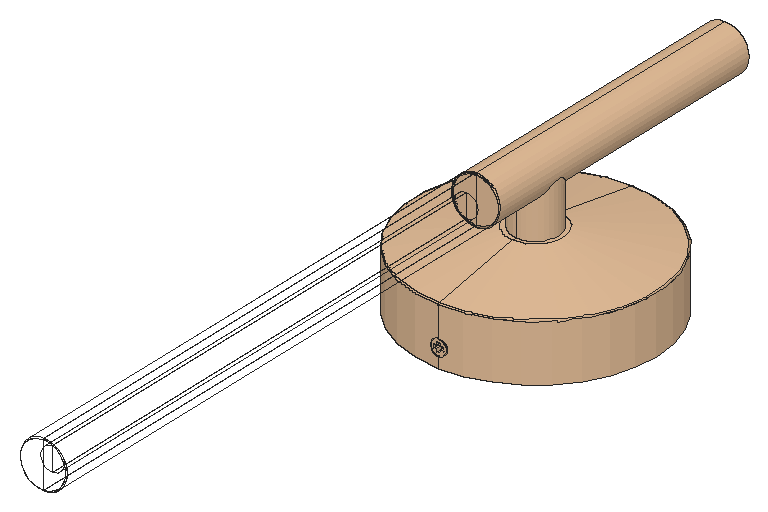
Revit family "Light_Fixture-Wall_Sconce-KOHLER-Components-K-23463", category Lighting Fixtures, host Face, Revit 2017
Family settings
  Host = Face
  Round Connector Dimension = Use Diameter
  Part Type = Normal
  OmniClass Number = 23.35.47.11
  OmniClass Title = Lighting Fixtures
  Cut with Voids When Loaded = No
  Light Source = Yes
  Shared = No
  Room Calculation Point = No
Parameters (values of type "BGL-Moderne Brushed Gold")
  Width = 5 1/8"  # constant formula
  Wattage Comments = "10 W"  # constant formula
  Wattage = 10 W
  WaterSense Certified = 1 = 0  # no
  built-in parameter 1150110 = 1 (stored number, unit not read)
  Voltage = 120 V  # constant formula
  URL = "https://www.us.kohler.com/us/"
  Type = 2
  built-in parameter 1114217 = 1 (stored number, unit not read)
  built-in parameter 1150109 = 1 (stored number, unit not read)
  built-in parameter 1150134 = (empty or 0)
  built-in parameter 1150113 = 1 (stored number, unit not read)
  Product Page URL = "http://www.us.kohler.com/us/catalog/productDetails.jsp?productId=23463-SCLED"
  Product Name = "Components"  # constant formula
  Product Documentation Link = "https://www.us.kohler.com/webassets/kpna/catalog/pdf/en/K-23463-SCLED_spec.pdf"
  Model = if(Type = 1, "K-23463-SCLED-BLL", if(Type = 2, "K-23463-SCLED-BGL", if(Type = 3, "K-23463-SCLED-CPL", if(Type = 4, "K-23463-SCLED-SNL", "NA"))))  # "K-23463-SCLED-BGL"
  Material = "Premium Metal Construction"  # constant formula
  Master Format 2014 Name = "Interior Lighting Fixtures, Lamps, And Ballasts"  # constant formula
  Master Format 2014 = "26 51 13"  # constant formula
  Manufacturer Address = "444 Highland Dr, Kohler, WI 53044"  # constant formula
  Manufacturer = "KOHLER Co."  # constant formula
  built-in parameter 1150105 = 39.789 (stored number, unit not read)
  Lumens = 500 lm
  built-in parameter 1150115 = 1 (stored number, unit not read)
  Light Source Symbol Size = 6"  # constant formula
  built-in parameter 1150137 = (empty or 0)
  built-in parameter 1150139 = (empty or 0)
  Length = 3 1/4"  # constant formula
  built-in parameter 1150112 = 1 (stored number, unit not read)
  built-in parameter 1150114 = 1 (stored number, unit not read)
  Lamp = "Integrated LED"  # constant formula
  built-in parameter 1150132 = (empty or 0)
  built-in parameter 1150102 = (empty or 0)
  built-in parameter 1150107 = 3000 (stored number, unit not read)
  built-in parameter 1150138 = (empty or 0)
  built-in parameter 1150106 = 0.39789 (stored number, unit not read)
  Height = 18"  # constant formula
  Hardware Included = 1 = 1  # yes
  Finish = KOHLER-Metal-BGL-Moderne_Brushed_Gold
  Environmental Product Declaration = ""
  Emit from Line Length = 6"
  Electrical Note = "One Dedicated Circuit Required"  # constant formula
  Electrical Connector = 1 = 1  # yes
  built-in parameter 1150104 = 4.6452 (stored number, unit not read)
  Dimming Lamp Color Temperature Shift = Incandescent Lamp Curve
  Description = "18inch LED sconce"  # constant formula
  Default Elevation = 60"
  Declare Label = ""
  Date Modified = "05/11/2020"  # constant formula
  Date Created = "05/11/2020"  # constant formula
  Copyright = "Copyright KOHLER Co."  # constant formula
  Contact Us = "https://www.us.kohler.com/us/static/contact.jsp"
  Color Filter = 16777215
  built-in parameter 1114218 = 1 (stored number, unit not read)
  built-in parameter 1150133 = 10 (stored number, unit not read)
  Assembly Code = "D5040.50"
  Apparent Load = 120 V * 0.08 A  # 9.6 VA
  ADA Compliant = 1 = 0  # no
Types (5): name | Type | Model | Finish
  (no name) | 2 | "K-23463-SCLED-BGL" | KOHLER-Metal-BGL-Moderne_Brushed_Gold
  BLL-Matte Black | 1 | "K-23463-SCLED-BLL" | KOHLER-Metal-BLL-Matte_Black
  BGL-Moderne Brushed Gold | 2 | "K-23463-SCLED-BGL" | KOHLER-Metal-BGL-Moderne_Brushed_Gold
  CPL-Polished Chrome | 3 | "K-23463-SCLED-CPL" | KOHLER-Metal-CPL-Polished_Chrome
  SNL-Polished Nickel | 4 | "K-23463-SCLED-SNL" | KOHLER-Metal-SNL-Polished_Nickel
Reference planes (in)
  plane 1 "Center (Front/Back)": y = 0
  plane 2: z = 0
  plane 3 "Center (Left/Right)": x = 0
  plane 4: y = 4.99606
  plane 5: y = -13.00394
  plane 6: x = -2.5625
  plane 7: x = 2.5625
  plane 8: y = 2.5625
  plane 9: y = -2.5625
  plane 10: x = -0.5
  plane 11: x = 0.5
  plane 12: z = 3.25
  plane 13: z = 2.25
  plane 14: z = 1.5625
Dimensions and locks (in)
  "Width": plane 6 to plane 7
  "Height": plane 4 to plane 5
  "Length": level to plane 12
  locked: plane 13 to plane 12 at 1
  plane 8 to plane 9 = 5 1/8"
  locked: level to plane 14 at 1.5625
  aligned and locked: plane 2 to host face
  aligned and locked: level to host face
  aligned and locked: plane 3 "Center (Left/Right)" to nested 1
  aligned and locked: plane 1 "Center (Front/Back)" to nested 1
Automatic sketch dimensions
  host sketch curve to host sketch curve = 96"  (x2)
Nested families (in)
  nested 1: "K-23463" at (0, 0, 0), type "K-23463"
Connectors (in)
  electrical at (0, 0, 0), driven by "Voltage", driven by "Apparent Load", driven by "Electrical Connector", driven by "Electrical Note"
    settings: on nested 1, index 1, voltage 120 V, apparent load 9.6 VA, apparent load phase1 0 VA, apparent load phase2 0 VA, apparent load phase3 0 VA, power factor 1, load classification "Lighting", number of poles 1, system type 30, power factor state 1, is connector primary yes, connector utility yes, sub classification motor no, connector description "One Dedicated Circuit Required"
Definition of nested family "K-23463"
  Parameters (values of type "K-23463")
    Material = none
    Glass Material = none
  Reference planes (in)
    plane 1 "Center (Front/Back)": y = 0
    plane 2: z = 0
    plane 3 "Center (Left/Right)": x = 0
    plane 4: y = 2.5625
    plane 5: y = -2.5625
    plane 6: z = 1.5625
    plane 7: z = 3.25
    plane 8: z = 2.25
    plane 9: y = 4.99606
    plane 10: y = -13.00394
    plane 11: x = 2.5625
    plane 12: x = -2.5625
    plane 13: x = 0.5
    plane 14: x = -0.5
    plane 15: z = 1.19753
  Forms (in)
    Revolve 1, solid, material <- "Material", detail levels medium+fine
      sketch origin (0, 0, 0) x (0, 1, 0) y (0, 0, 1)
        loop
          line (2.5625, 0) -> (2.5625, 1.19758)
          arc (2.5625, 1.19758) -> (2.55659, 1.21381) -> (2.54162, 1.22243) r 0.02522
          line (2.54162, 1.22243) -> (0.59505, 1.5625) -> (0.49233, 1.5625) -> (0.49233, 2.76276) -> (0, 2.76276) -> (0, 0) -> (2.5625, 0)
        axis (0, 2.76276) -> (0, 0)
      angle from 0 to 360
    Revolve 2, solid, material <- "Material", detail levels medium+fine
      sketch origin (0, 0, 0) x (0, 1, 0) y (0, 0, 1)
        loop
          line (4.99606, 3.25) -> (-1.5529, 3.25)
          arc (-1.5529, 3.25) -> (-1.56705, 3.24414) -> (-1.57291, 3.22999) r 0.02001
          line (-1.57291, 3.22999) -> (-1.57291, 2.75) -> (4.99606, 2.75) -> (4.99606, 3.16273) -> (4.96457, 3.16273) -> (4.96457, 3.21484) -> (4.99606, 3.21484) -> (4.99606, 3.25)
        axis (4.99606, 2.75) -> (-1.57291, 2.75)
      angle from 0 to 360
    Revolve 3, solid, material <- "Glass Material", detail levels medium+fine
      sketch origin (0, 0, 0) x (0, 1, 0) y (0, 0, 1)
        loop
          line (-1.59287, 3.25) -> (-12.98373, 3.25)
          arc (-12.98373, 3.25) -> (-12.99802, 3.24408) -> (-13.00394, 3.22979) r 0.02021
          line (-13.00394, 3.22979) -> (-13.00394, 2.75) -> (-12.75394, 2.75) -> (-12.75394, 3) -> (-1.82291, 3) -> (-1.82291, 2.75) -> (-1.57291, 2.75) -> (-1.57291, 3.23004)
          arc (-1.57291, 3.23004) -> (-1.57876, 3.24415) -> (-1.59287, 3.25) r 0.01996
        axis (-1.57291, 2.75) -> (-13.00394, 2.75)
      angle from 0 to 360
    Extrusion 4, void
      sketch origin (0, 0, 0) x (1, 0, 0) y (0, 0, 1)
        loop
          circle (0, 0.39598) r 0.16625
      from 2.45471 to 2.72455
    Extrusion 5, void
      sketch origin (0, 0, 0) x (1, 0, 0) y (0, 0, -1)
        loop
          circle (0, -0.39598) r 0.16625
      from 2.45471 to 2.72455
    Extrusion 6, solid, material <- "Material", detail levels medium+fine
      sketch origin (0, 0, 0) x (1, 0, 0) y (0, 0, 1)
        loop
          circle (0, 0.39598) r 0.16625
        loop
          line (-0.03916, 0.49834) -> (-0.03916, 0.43515) -> (-0.10236, 0.43515) -> (-0.10236, 0.35682) -> (-0.03916, 0.35682) -> (-0.03916, 0.29362) -> (0.03916, 0.29362) -> (0.03916, 0.35682) -> (0.10236, 0.35682) -> (0.10236, 0.43515) -> (0.03916, 0.43515) -> (0.03916, 0.49834) -> (-0.03916, 0.49834)
      from 2.45471 to 2.56105
    Extrusion 7, solid, material <- "Material", detail levels medium+fine
      sketch origin (0, 0, 0) x (1, 0, 0) y (0, 0, -1)
        loop
          circle (0, -0.39598) r 0.16625
        loop
          line (-0.03916, -0.49834) -> (0.03916, -0.49834) -> (0.03916, -0.43515) -> (0.10236, -0.43515) -> (0.10236, -0.35682) -> (0.03916, -0.35682) -> (0.03916, -0.29362) -> (-0.03916, -0.29362) -> (-0.03916, -0.35682) -> (-0.10236, -0.35682) -> (-0.10236, -0.43515) -> (-0.03916, -0.43515) -> (-0.03916, -0.49834)
      from 2.45471 to 2.56261
    Revolve 8, solid, material <- "Material", detail levels coarse
      sketch origin (0, 0, 0) x (0, 1, 0) y (0, 0, 1)
        loop
          line (0, 2.72341) -> (0, 0) -> (2.5625, 0) -> (2.5625, 1.5625) -> (0.49233, 1.5625) -> (0.49233, 2.72341) -> (0, 2.72341)
        axis (0, 0) -> (0, 2.72341)
      angle from 0 to 360
    Extrusion 9, solid, material <- "Material", detail levels coarse
      sketch origin (0, 0, 0) x (1, 0, 0) y (0, 0, 1)
        loop
          circle (0, 2.75) r 0.5
      from -4.99606 to 1.58664
    Revolve 10, solid, material <- "Glass Material", detail levels coarse
      sketch origin (0, 0, 0) x (0, 1, 0) y (0, 0, 1)
        loop
          line (-1.58664, 3.25) -> (-13.00394, 3.25) -> (-13.00394, 2.75) -> (-12.75394, 2.75) -> (-12.75394, 3) -> (-2.08664, 3) -> (-2.08664, 2.75) -> (-1.58664, 2.75) -> (-1.58664, 3.25)
        axis (-1.58664, 2.75) -> (-13.00394, 2.75)
      angle from 0 to 360
    Extrusion 11, solid, material <- "Material", detail levels medium+fine
      sketch origin (0, 0, 0) x (1, 0, 0) y (0, 1, 0)
        loop
          circle (0, 0) r 0.07557
      from 0 to 0.09223
  Cuts and joins
    Extrusion 4, Extrusion 5 cuts Revolve 1
    Extrusion 5 cuts Revolve 2
    joined: Revolve 1, Revolve 2
    joined: Revolve 8, Extrusion 9
  Lines and regions (in)
    Masking region 1
      outline origin (0, 0, 0) x (0, 1, 0) y (0, 0, 1)
        loop
          arc (2.5625, 1.19753) -> (2.55653, 1.2139) -> (2.54143, 1.22259) r 0.02545
          line (2.54143, 1.22259) -> (0.59505, 1.5625) -> (0.49233, 1.5625) -> (0.49233, 2.25) -> (4.99606, 2.25) -> (4.99606, 3.25) -> (-1.54972, 3.25)
          arc (-1.54972, 3.25) -> (-1.56612, 3.24321) -> (-1.57291, 3.22681) r 0.02319
          arc (-1.57291, 3.22681) -> (-1.5797, 3.24321) -> (-1.59609, 3.25) r 0.02319
          line (-1.59609, 3.25) -> (-13.00394, 3.25) -> (-13.00394, 2.25) -> (-1.59635, 2.25)
          arc (-1.59635, 2.25) -> (-1.57977, 2.25686) -> (-1.57291, 2.27344) r 0.02344
          arc (-1.57291, 2.27344) -> (-1.56604, 2.25686) -> (-1.54947, 2.25) r 0.02344
          line (-1.54947, 2.25) -> (-0.49233, 2.25) -> (-0.49233, 1.5625) -> (-0.59505, 1.5625) -> (-2.54143, 1.22259)
          arc (-2.54143, 1.22259) -> (-2.55653, 1.2139) -> (-2.5625, 1.19753) r 0.02545
          line (-2.5625, 1.19753) -> (-2.5625, 0) -> (2.5625, 0) -> (2.5625, 1.19753)
    Masking region 2
      outline origin (0, 0, 0) x (1, 0, 0) y (0, 0, 1)
        loop
          line (2.5625, 0) -> (2.5625, 1.19763)
          arc (2.5625, 1.19763) -> (2.55658, 1.21389) -> (2.54158, 1.22253) r 0.02527
          line (2.54158, 1.22253) -> (0.59742, 1.5625) -> (0.49191, 1.5625) -> (0.49191, 2.6604)
          arc (0.49191, 2.6604) -> (0.38393, 3.07031) -> (0, 3.25) r 0.5
          arc (0, 3.25) -> (-0.38393, 3.07031) -> (-0.49191, 2.6604) r 0.5
          line (-0.49191, 2.6604) -> (-0.49191, 1.5625) -> (-0.59742, 1.5625) -> (-2.54158, 1.22253)
          arc (-2.54158, 1.22253) -> (-2.55658, 1.21389) -> (-2.5625, 1.19763) r 0.02527
          line (-2.5625, 1.19763) -> (-2.5625, 0) -> (2.5625, 0)
    Masking region 3
      outline origin (0, 0, 0) x (1, 0, 0) y (0, 1, 0)
        loop
          arc (-0.5, -12.98255) -> (-0.49374, -12.99767) -> (-0.47862, -13.00394) r 0.02138
          line (-0.47862, -13.00394) -> (0.47862, -13.00394)
          arc (0.47862, -13.00394) -> (0.49374, -12.99767) -> (0.5, -12.98255) r 0.02138
          line (0.5, -12.98255) -> (0.5, -2.51325)
          arc (0.5, -2.51325) -> (2.5625, 0) -> (0.5, 2.51325) r 2.5625
          line (0.5, 2.51325) -> (0.5, 4.99606) -> (-0.5, 4.99606) -> (-0.5, 2.51325)
          arc (-0.5, 2.51325) -> (-2.5625, 0) -> (-0.5, -2.51325) r 2.5625
          line (-0.5, -2.51325) -> (-0.5, -12.98255)
    symbolic lines, detail levels medium+fine
      curve 1: line (0, 2.5625, 1.19753) -> (0, -2.5625, 1.19753)
      curve 2: line (0, 0.49233, 1.5625) -> (0, -0.49233, 1.5625)
      curve 3: line (0, 0.49233, 2.25) -> (0, 0.14303, 2.5993)
      curve 4: line (0, -0.14303, 2.5993) -> (0, -0.49233, 2.25)
      curve 5: arc (0, 0.14303, 2.5993) -> (0, 0, 2.65854) -> (0, -0.14303, 2.5993) r 0.20228
      curve 6: line (0, -1.57291, 2.27344) -> (0, -1.57291, 3.22681)
      curve 7: line (2.5625, 0, 1.19753) -> (-2.5625, 0, 1.19753)
      curve 8: line (0.49191, 0, 1.5625) -> (-0.49191, 0, 1.5625)
      curve 9: arc (0, 0, 3.21484) -> (0.46484, 0, 2.75) -> (0, 0, 2.28516) r 0.46484
      curve 10: arc (0, 0, 3.21484) -> (-0.46484, 0, 2.75) -> (0, 0, 2.28516) r 0.46484
      curve 11: arc (0, 0, 3.16273) -> (-0.41273, 0, 2.75) -> (0, 0, 2.33727) r 0.41273
      curve 12: arc (0, 0, 2.33727) -> (0.41273, 0, 2.75) -> (0, 0, 3.16273) r 0.41273
      curve 13: arc (-0.49191, 0, 2.6604) -> (0, 0, 2.25) -> (0.49191, 0, 2.6604) r 0.5
      curve 14: arc (-0.16625, 0, 0.39598) -> (0, 0, 0.56223) -> (0.16625, 0, 0.39598) r 0.16625
      curve 15: arc (0.16625, 0, 0.39598) -> (0, 0, 0.22973) -> (-0.16625, 0, 0.39598) r 0.16625
      curve 16: line (0.03916, 0, 0.35682) -> (0.10236, 0, 0.35682)
      curve 17: line (0.10236, 0, 0.35682) -> (0.10236, 0, 0.43515)
      curve 18: line (0.10236, 0, 0.43515) -> (0.03916, 0, 0.43515)
      curve 19: line (0.03916, 0, 0.43515) -> (0.03916, 0, 0.49834)
      curve 20: line (0.03916, 0, 0.49834) -> (-0.03916, 0, 0.49834)
      curve 21: line (-0.03916, 0, 0.49834) -> (-0.03916, 0, 0.43515)
      curve 22: line (-0.03916, 0, 0.43515) -> (-0.10236, 0, 0.43515)
      curve 23: line (-0.10236, 0, 0.43515) -> (-0.10236, 0, 0.35682)
      curve 24: line (-0.10236, 0, 0.35682) -> (-0.03916, 0, 0.35682)
      curve 25: line (-0.03916, 0, 0.35682) -> (-0.03916, 0, 0.29362)
      curve 26: line (-0.03916, 0, 0.29362) -> (0.03916, 0, 0.29362)
      curve 27: line (0.03916, 0, 0.29362) -> (0.03916, 0, 0.35682)
      curve 28: line (-0.5, 2.51325, 0) -> (-0.5, -1.55271, 0)
      curve 29: arc (-0.5, -1.55271, 0) -> (-0.49411, -1.56694, 0) -> (-0.47987, -1.57284, 0) r 0.02013
      curve 30: arc (-0.5, -1.59297, 0) -> (-0.49411, -1.57873, 0) -> (-0.47987, -1.57284, 0) r 0.02013
      curve 31: line (-0.5, -1.59297, 0) -> (-0.5, -2.51325, 0)
      curve 32: line (0.5, 2.51325, 0) -> (0.5, -1.55271, 0)
      curve 33: arc (0.5, -1.55271, 0) -> (0.49411, -1.56694, 0) -> (0.47987, -1.57284, 0) r 0.02013
      curve 34: arc (0.5, -1.59297, 0) -> (0.49411, -1.57873, 0) -> (0.47987, -1.57284, 0) r 0.02013
      curve 35: line (0.5, -1.59297, 0) -> (0.5, -2.51325, 0)
      curve 36: line (-0.47987, -1.57284, 0) -> (0.47987, -1.57284, 0)
      curve 37: arc (-0.5, -0.32263, 0) -> (-0.59505, 0, 0) -> (-0.5, 0.32263, 0) r 0.59505
      curve 38: arc (0.5, 0.32263, 0) -> (0.59505, 0, 0) -> (0.5, -0.32263, 0) r 0.59505
  Dimensions and locks (in)
    locked: plane 4 to plane 5 at 5.125
    plane 6 to level = 1 9/16"
    locked: plane 7 to level at 3.25
    plane 7 to plane 8 = 1"
    plane 9 to plane 10 = 18"
    plane 13 to plane 3 "Center (Left/Right)" = 1/2"
    aligned and locked: plane 2 to level
